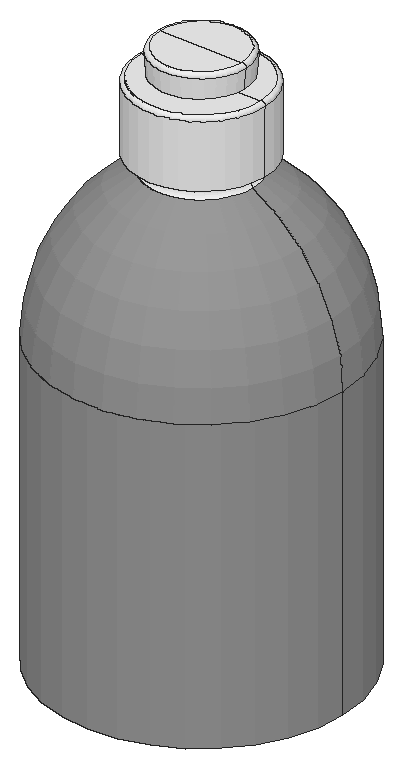
Revit family "OD-1", category Plumbing Fixtures, Revit 2020
Family settings
  Round Connector Dimension = Use Diameter
  Part Type = Normal
  Work Plane-Based = Yes
  Always vertical = Yes
  Cut with Voids When Loaded = No
  Shared = Yes
  Room Calculation Point = No
Parameters (values of type "7500461-104")
  métal chromé = NB - métal chromé
  récipient = NB - verre dépoli
  Dessinateur = "A. Faber, www.lichtatelier.eu"
  URL = "www.normbau.de"
  Série = "NB cavere"
  Default Elevation = 1.2192 m
  Catégorie de produits = "7010"
  Surface = 104 - Aubergine cavere
  Manufacturer = "Normbau Beschläge und Ausstattungs GmbH"
  Coloris = "104"
  Désignation = "Distributeur de savon liquide, 168 x 80 x 100 mm"
  Code article = "7500461-104"
  Descriptif = "168 x 80 x 100 mm, en aluminium, revêtement laqué anti-rayure, avec protection antibactérienne intégrée, informations voir chapitre 8, en coloris cavere®, pompe en métal chrome, verre satinè, contenance 230ml, montage simple et rapide, fixation murale invisible, livraison avec vis inox Torx Ø 5 x 60 mm et chevilles pour matériaux de construction pleins."
  Référence = "700.500.461"
Reference planes (m)
  plane 1 "Mitte (Vorne/Hinten)": y = 0
  plane 2: z = 0
  plane 3 "Mitte (Links/Rechts)": x = 0
Forms (m)
  Revolve 1, solid, material "kkli"
    sketch origin (0, -0.06, 0) x (1, 0, 0) y (0, 0, 1)
      loop
        line (0.000004, 0.052189) -> (0.000004, 0.051189) -> (0.011474, 0.051189)
        arc (0.011474, 0.051189) -> (0.013178, 0.050956) -> (0.014757, 0.050274) r 0.006349
        arc (0.014757, 0.050274) -> (0.03009, 0.03448) -> (0.035682, 0.013189) r 0.043326
        line (0.035682, 0.013189) -> (0.035682, -0.060811) -> (0.000004, -0.060811) -> (0.000004, -0.061811) -> (0.036682, -0.061811) -> (0.036682, 0.013189)
        arc (0.036682, 0.013189) -> (0.030426, 0.035894) -> (0.013422, 0.052189) r 0.044326
        line (0.013422, 0.052189) -> (0.000004, 0.052189)
      axis (0.000004, -0.061811) -> (0.000004, 0.052189)
    angle from 0 to 360
  Revolve 2, solid, material "NB - métal chromé" <- "métal chromé"
    sketch origin (0, -0.06, 0) x (1, 0, 0) y (0, 0, 1)
      loop
        line (0.000004, 0.052189) -> (0.013422, 0.052189)
        arc (0.013422, 0.052189) -> (0.012631, 0.054141) -> (0.013811, 0.055886) r 0.002238
        line (0.013811, 0.055886) -> (0.016506, 0.055886) -> (0.016506, 0.072023)
        arc (0.016506, 0.072023) -> (0.016213, 0.07273) -> (0.015506, 0.073023) r 0.001
        line (0.015506, 0.073023) -> (0.0086, 0.073023) -> (0.0086, 0.074302) -> (0.011284, 0.074302) -> (0.011537, 0.079142)
        arc (0.011537, 0.079142) -> (0.011264, 0.079882) -> (0.010539, 0.080194) r 0.001
        line (0.010539, 0.080194) -> (0.000004, 0.080194) -> (0.000004, 0.052189)
      axis (0.000004, 0.052189) -> (0.000004, 0.080194)
    angle from 0 to 360
Dimensions and locks (m)
  aligned and locked: level to plane 2
